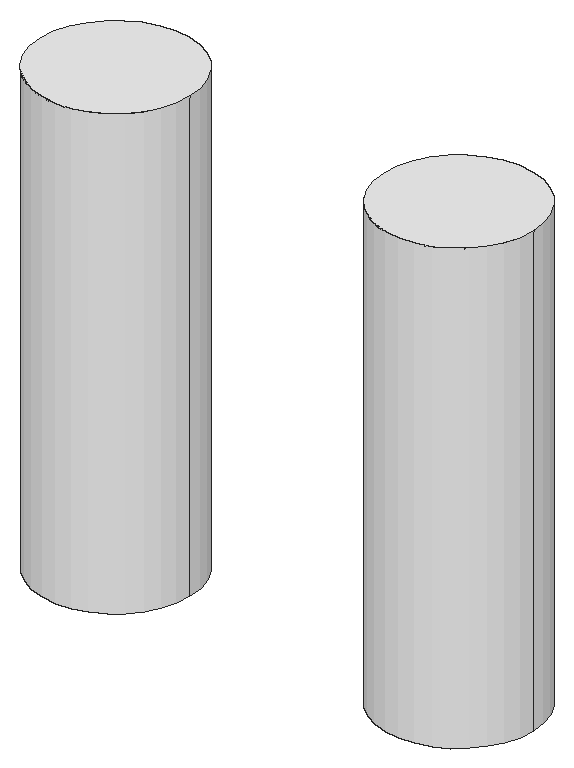
Revit family "56352203", category Plumbing Fixtures, Revit 2020
Family settings
  Round Connector Dimension = Use Diameter
  Part Type = Normal
  OmniClass Number = 23.45.55.00
  OmniClass Title = Sanitary Faucets, Wastes
  Work Plane-Based = No
  Always vertical = Yes
  Cut with Voids When Loaded = No
  Shared = No
  Room Calculation Point = No
Parameters (values of type "56352203 Washbasin faucet")
  Working Pressure = "50 - 1000 kPa"
  WarrantyStartDate [instance] = "n/a"
  WarrantyGuarantorParts = "n/a"
  WarrantyGuarantorLabor = "n/a"
  WarrantyDurationUnit = "Year"
  WarrantyDurationParts = "n/a"
  WarrantyDurationLabor = "n/a"
  WarrantyDescription = "http://warranty.hansa.com"
  Warranty Information URL = "http://warranty.hansa.com"
  VersionDate = "01/06/2023"
  Version = "1"
  ValvePattern = "n/a"
  ValveOperation = "n/a"
  ValveMechanism = "n/a"
  Uniclass2015Reference = "Pr_40_20_87_96"
  Uniclass2015Description = "Washbasin manual water supply sets"
  Uniclass2 = "Pr_40_30_96_96"
  URL REACH = "http://static.hansa.com/doc/reach"
  URL EcoLabel Declaration = "http://static.hansa.com/doc/EcoLabel"
  URL EU Packaging Declaration = "http://static.hansa.com/doc/packaging"
  URL Declaration of SCIP = "http://static.hansa.com/doc/SCIP"
  URL Declaration of Conformity = "http://static.hansa.com/DoC/56352203"
  URL Declaration of Asbestos = "http://static.hansa.com/doc/asbestos"
  URL Declaration Of Performance (DOP) = "http://static.hansa.com/doc/DoP"
  URL DVGW = "http://static.hansa.com/DVGW/56352203"
  URL ABP = "http://static.hansa.com/ABP/56352203"
  URL = ""
  UNSPSC Class Number = "30181700 Faucets or taps"
  TestPressure = "n/a"
  Temperature Adjustments = "Limitation option for maximum temperature and flow-rate ;Adjustable hot water stop (included, retrofittable)"
  Temperature = "Temperature limiter;Temperature limiter (retrofittable)"
  Technical DataSheet URL = "http://www.hansa.com/datasheet/56352203/en"
  TagNumber [instance] = "n/a"
  SustainabilityPerformance = "n/a"
  Surface treatment = "Chrome"
  Spout Type = "Fixed spout"
  Spout Projection = "103 mm"
  Spare-Part Information URL = "http://static.hansa.com/sp/56352203"
  Size = "50x155x135 mm"
  Shape = "Sculptured"
  SerialNumber [instance] = "n/a"
  Sales Package dimensions (LxWxH) = "380 x 180 x 74"
  Revision = "n/a"
  ReplacementCost = "n/a"
  ProductInformation = "n/a"
  Product URL = "http://static.hansa.com/56352203"
  Product Image URL = "http://static.hansa.com/image/56352203"
  Product Family = "HANSAPALENO "
  Product Code = "56352203"
  OperatingMechanismMaterial = "n/a"
  NominalWidth = 49.234 mm
  NominalHeight = 135.82 mm
  NominalDepth = 153.046 mm
  Noise Class = "I (ISO3822)"
  Name_en = "56352203 Washbasin faucet"
  Name = "56352203 Washbasin faucet"
  NBSReference = "45-35-70/371"
  NBSDescription = "Water supply fittings for wash basins and troughs"
  Mounting Holes = "1 hole"
  ModelReference = "56352203"
  ModelNumber = "n/a"
  Model = "56352203 Washbasin faucet"
  Mobile Product Information URL = "http://mpi.hansa.com/56352203"
  Mechanical Parts = "ø 35 mm ceramic cartridge for flow and temperature control"
  Max. Hot Water Supply = 70 °C
  Material = "Brass"
  Market = "International;Germany;Austria;Switzerland;France;Italy;Spain"
  ManufacturerURL = "http://www.hansa.com"
  ManufacturerName = "HANSA"
  Manufacturer = "HANSA"
  Lever Handle = "Hot/Cold symbols;Single operating lever/handle"
  Interactive AR View URL = "https://static.hansa.com/AR/56352203"
  InstallationDate [instance] = "n/a"
  Installation and Maintenance Guide URL = "http://static.hansa.com/manual/56352203"
  Installation Type = "Deck mounted"
  InletConnectionSize = 10 mm
  IfcExportType = "FAUCET"  # constant formula
  IfcExportAs = "IfcValveType"  # constant formula
  Group = "Washbasin faucet"
  Grade = "n/a"
  FlowCoefficient = 0
  Flow Rate At 300kPa With Flow Controller = 0.01 L/s
  Flow Drawing URL = "http://static.hansa.com/flowchart/56352203"
  Finish = "Polished"
  Features = "Single-lever"
  FaucetMainMaterial = Brass
  FDV Document URL = "http://www.hansa.com/datasheet/56352203/en/fdv"
  Extensions = "Pop-up waste with draw-rod"
  ExpectedLife = "n/a"
  ETIM Class Number = "EC011328 Washbasin mixing tap"
  EN Standard = "EN 817"
  EAN Number = "4057304011986"
  DurationUnit = "Year"
  Dimension Drawing URL = "http://static.hansa.com/dimdrw/56352203"
  Description = ""
  DefaultElevation [instance] = 900 mm
  Default Elevation = 0 mm
  Constituents = "n/a"
  Connection Size = "G3/8"
  Connection = "Flexible inlet pipes"
  Color = "Chrome"
  CodePerformance = "n/a"
  CloseOffRating = 0
  Category = "Washbasin"
  Catalog Drawing URL = "http://static.hansa.com/catdrw/56352203"
  Brand = "HANSA"
  BodyMaterial = "Brass"
  Barcode [instance] = "n/a"
  Backflow Prevention EN1717 = "AA"
  BIMObjectName = "56352203"
  Author = "BIMStone"
  AssetType = "Fixed"
  AssetIdentifier [instance] = "n/a"
  Approval DVGW = "DW-6506CS0548"
  Approval ABP = "P-IX 29502/IA"
  Aerator = "PCA® - constant flow rate regardless of pressure variations"
  Advanced Features = "Inner body made of DZR brass;3S-installation system for safe and simple mounting"
  AccessibilityPerformance = "n/a"
  3D View = "https://static.hansa.com/AR/56352203"
  2D/3D/BIM Files URL = "http://static.hansa.com/bim/56352203"
Reference planes
  plane 1 "Center (Front/Back)": y = 0
  plane 2: z = 0
  plane 3 "Center (Left/Right)": x = 0
  plane 4: x = -24.617
  plane 5: z = 900
  plane 6: z = 870
  plane 7: y = -153.046
  plane 8: x = 24.617
  plane 9: z = 1035.82
Forms (mm)
  Extrusion 1, solid, material "Brass" <- "FaucetMainMaterial"
    sketch origin (-44.989, -3.512, 0) x (1, 0, 0) y (0, 1, 0)
      loop
        circle (33.489, -36) r 5
      loop
        circle (56.489, -36) r 5
    from 870 to 900
Dimensions and locks
  "DefaultElevation": plane 5 to level
  locked: plane 5 to plane 6 at 30
  "NominalDepth": plane 7 to plane 1 "Center (Front/Back)"
  "NominalHeight": plane 9 to plane 5
  equal spacing: plane 4, plane 3 "Center (Left/Right)", plane 8
  "NominalWidth": plane 4 to plane 8
  "InletConnectionSize": diameter of Extrusion 1 sketch curve  (x2)
  aligned and locked: level to plane 2
  aligned and locked: plane 5 to Extrusion 1
  aligned and locked: Extrusion 1 to plane 6
  aligned and locked: nested 2 to plane 5
Automatic sketch dimensions
  Extrusion 1 sketch curve to plane 3 "Center (Left/Right)" = 11.5 mm
  plane 3 "Center (Left/Right)" to Extrusion 1 sketch curve = 11.5 mm
  plane 1 "Center (Front/Back)" to Extrusion 1 sketch curve = 39.512 mm
  Extrusion 1 sketch curve to Extrusion 1 sketch curve = 0 mm
Nested families
  nested 1: "Symbol" at (0, 0, 0), type "Symbol", detail levels coarse
  nested 2: "56352203_p" at (0, 0, 900), Main <- "FaucetMainMaterial", type "56352203_p"
    with Main Brass
Connectors
  piping at (-11.5, -39.512, 870), diameter 10, driven by "InletConnectionSize"
    settings: on Extrusion 1, index 1, connector inside diameter 609.6 mm, connector length 0 mm, flow factor 0, pipe flow 0.1 L/s, pressure drop 0.0 Pa, fitting loss kfactor 0, connector angle 0.00°, fixture units 0, engagement length 0 mm, angle of deflection 0.00°, flow configuration 1, flow direction 1, fitting loss method 0, system type 19, joint type 0, gender type 0, connector reference index -1, connector utility 0, adjustable connector no, is connector primary yes, connector description ""
  piping at (11.5, -39.512, 870), diameter 10, driven by "InletConnectionSize"
    settings: on Extrusion 1, index 2, connector inside diameter 609.6 mm, connector length 0 mm, flow factor 0, pipe flow 0.1 L/s, pressure drop 0.0 Pa, fitting loss kfactor 0, connector angle 0.00°, fixture units 0, engagement length 0 mm, angle of deflection 0.00°, flow configuration 1, flow direction 1, fitting loss method 0, system type 20, joint type 0, gender type 0, connector reference index -1, connector utility 0, adjustable connector no, is connector primary no, connector description ""
Definition of nested family "Symbol"
  Reference planes
    plane 1: y = 0
    plane 2: x = 0
  Lines and regions (mm)
    detail lines
      curve 1: line (0, 0, 0) -> (0, -1.8, 0)
      curve 2: line (-0.4, -1.1, 0) -> (0.4, -1.1, 0)
      curve 3: line (-0.4, -1.4, 0) -> (0.4, -1.4, 0)
      curve 4: line (0.863, 0, 0) -> (-0.863, 0, 0)
      curve 5: circle (-1.163, 0, 0) r 0.3 normal (0, 0, -1)
      curve 6: circle (1.163, 0, 0) r 0.3 normal (0, 0, 1)
Definition of nested family "56352203_p"
  Parameters (values of type "56352203_p")
    Main [instance] = none
    Default Elevation = 0 mm
  Reference planes
    plane 1 "Center (Front/Back)": y = 0
    plane 2: z = 0
    plane 3 "Center (Left/Right)": x = 0
    plane 4: x = -24.617
    plane 5: x = 24.617
    plane 6: y = -153.046
    plane 7: z = 135.82
  Forms (mm)
    Revolve 1, solid, material <- "Main", detail levels medium
      sketch origin (0, 0, 0) x (0, 1, 0) y (0, 0, 1)
        loop
          line (-13.867, -23.402) -> (-29.564, 156.008) -> (-52.982, 153.96) -> (-37.285, -25.451) -> (-13.867, -23.402)
        axis (-52.982, 153.96) -> (-37.285, -25.451)
      angle from 0 to 360
    Extrusion 2, void
      sketch origin (0, 0, 0) x (0, 1, 0) y (0, 0, 1)
        loop
          line (-84.903, 135.82) -> (-19.903, 135.82) -> (-19.903, 165.82) -> (-84.903, 165.82) -> (-84.903, 135.82)
        loop
          line (-67.585, 0) -> (-67.585, -35) -> (-7.585, -35) -> (-7.585, 0) -> (-67.585, 0)
      from -49.356 to 92.918
    Extrusion 3, solid, material <- "Main", detail levels medium
      sketch origin (0, 0, 0) x (1, 0, 0) y (0, 1, 0)
        loop
          line (-7.521, -92.482) -> (-6.93, -136.945)
          arc (-6.93, -136.945) -> (-6.646, -137.757) -> (-5.931, -138.234) r 1.354
          arc (-5.931, -138.234) -> (-2.992, -138.82) -> (0, -139.002) r 22.031
          arc (0, -139.002) -> (2.992, -138.82) -> (5.931, -138.234) r 22.031
          arc (5.931, -138.234) -> (6.646, -137.757) -> (6.93, -136.945) r 1.354
          line (6.93, -136.945) -> (7.521, -92.482)
          arc (7.521, -92.482) -> (8.321, -86.138) -> (10.649, -80.182) r 25.931
          arc (10.649, -80.182) -> (13.331, -75.755) -> (16.426, -71.606) r 53.655
          arc (16.426, -71.606) -> (18.861, -68.419) -> (21.056, -65.062) r 54.532
          arc (21.056, -65.062) -> (23.173, -57.28) -> (23.403, -49.217) r 34.087
          line (23.403, -49.217) -> (-23.403, -49.217)
          arc (-23.403, -49.217) -> (-23.173, -57.28) -> (-21.056, -65.062) r 34.087
          arc (-21.056, -65.062) -> (-18.861, -68.419) -> (-16.426, -71.606) r 54.532
          arc (-16.426, -71.606) -> (-13.331, -75.755) -> (-10.649, -80.182) r 53.655
          arc (-10.649, -80.182) -> (-8.321, -86.138) -> (-7.521, -92.482) r 25.931
      from 123.077 to 135.82
    Extrusion 4, solid, material <- "Main", detail levels medium
      sketch origin (0, 0, 0) x (0, 1, 0) y (0, 0, 1)
        loop
          line (-105.174, 93.823) -> (-151.944, 89.512)
          arc (-151.944, 89.512) -> (-152.971, 88.681) -> (-152.6, 87.413) r 1.191
          line (-152.6, 87.413) -> (-147.596, 83.214) -> (-151.649, 77.426) -> (-132.008, 63.673) -> (-129.158, 67.743) -> (-127.647, 66.475) -> (-52.466, 68.212) -> (-55.075, 98.033)
          arc (-55.075, 98.033) -> (-80.133, 96.03) -> (-105.174, 93.823) r 3101.602
      from -20 to 20
    Revolve 5, solid, material <- "Main", detail levels medium
      sketch origin (0, 0, 0) x (0, 1, 0) y (0, 0, 1)
        loop
          line (-18.79, 21.887) -> (-10.782, 43.888) -> (-12.429, 44.487) -> (-20.437, 22.486) -> (-18.79, 21.887)
        axis (-12.429, 44.487) -> (-20.437, 22.486)
      angle from 0 to 360
    Extrusion 6, solid, material <- "Main", detail levels medium
      sketch origin (0, 0, 0) x (0, 1, 0) y (0, 0, 1)
        loop
          arc (-6.214, 41.559) -> (-3.258, 41.771) -> (-0.722, 43.305) r 6.33
          line (-0.722, 43.305) -> (-0.022, 46.598)
          arc (-0.022, 46.598) -> (-0.165, 47.365) -> (-0.808, 47.808) r 1.02
          line (-0.808, 47.808) -> (-14.478, 50.713)
          arc (-14.478, 50.713) -> (-15.208, 50.578) -> (-15.628, 49.966) r 0.97
          line (-15.628, 49.966) -> (-16.428, 46.202)
          arc (-16.428, 46.202) -> (-16.421, 45.742) -> (-16.213, 45.33) r 1.029
          arc (-16.213, 45.33) -> (-15.437, 44.447) -> (-14.615, 43.607) r 21.863
          line (-14.615, 43.607) -> (-11.321, 42.408) -> (-6.214, 41.559)
      from -5 to 5
    Extrusion 7, solid, material <- "Main", detail levels coarse
      sketch origin (0, 0, 0) x (0, 1, 0) y (0, 0, 1)
        loop
          line (0, 0) -> (0, 135.82) -> (-153.046, 135.82) -> (-153.046, 0) -> (0, 0)
      from -24.617 to 24.617
  Cuts and joins
    Extrusion 2 cuts Revolve 1
    joined: Revolve 1, Extrusion 3, Extrusion 4, Revolve 5, Extrusion 6
  Lines and regions (mm)
    symbolic lines, detail levels medium+fine
      curve 1: arc (-10.483, -152.342, 0) -> (0.493, -153.044, 0) -> (11.459, -152.194, 0) r 77.963
      curve 2: line (-16.526, -145.907, 0) -> (-22.573, -61.775, 0)
      curve 3: arc (-10.483, -152.342, 0) -> (-14.647, -150.197, 0) -> (-16.526, -145.907, 0) r 7
      curve 4: arc (-24.617, -49.217, 0) -> (-24.331, -45.477, 0) -> (-23.48, -41.823, 0) r 24.617
      curve 5: arc (-23.48, -41.823, 0) -> (-22.352, -32.537, 0) -> (-17.956, -24.28, 0) r 25.54
      curve 6: arc (-17.956, -24.28, 0) -> (-12.813, -19.603, 0) -> (-6.464, -16.774, 0) r 21.896
      curve 7: arc (-6.464, -16.774, 0) -> (-4.283, -16.293, 0) -> (-2.068, -16.001, 0) r 26.072
      curve 8: line (-5, -4.907, 0) -> (-5, -11.473, 0)
      curve 9: arc (0, 0, 0) -> (-3.53, -1.404, 0) -> (-5, -4.907, 0) r 4.908
      curve 10: arc (-5, -11.473, 0) -> (-4.203, -14.17, 0) -> (-2.068, -16.001, 0) r 4.963
      curve 13: arc (-22.573, -61.775, 0) -> (-24.103, -55.579, 0) -> (-24.617, -49.217, 0) r 39.601
      curve 23: line (16.526, -145.907, 0) -> (22.573, -61.775, 0)
      curve 24: arc (10.483, -152.342, 0) -> (14.647, -150.197, 0) -> (16.526, -145.907, 0) r 7
      curve 25: arc (24.617, -49.217, 0) -> (24.331, -45.477, 0) -> (23.48, -41.823, 0) r 24.617
      curve 26: arc (23.48, -41.823, 0) -> (22.352, -32.537, 0) -> (17.956, -24.28, 0) r 25.54
      curve 27: arc (17.956, -24.28, 0) -> (12.813, -19.603, 0) -> (6.464, -16.774, 0) r 21.896
      curve 28: arc (6.464, -16.774, 0) -> (4.283, -16.293, 0) -> (2.068, -16.001, 0) r 26.072
      curve 29: line (5, -4.907, 0) -> (5, -11.473, 0)
      curve 30: arc (0, 0, 0) -> (3.53, -1.404, 0) -> (5, -4.907, 0) r 4.908
      curve 31: arc (5, -11.473, 0) -> (4.203, -14.17, 0) -> (2.068, -16.001, 0) r 4.963
      curve 34: arc (22.573, -61.775, 0) -> (24.103, -55.579, 0) -> (24.617, -49.217, 0) r 39.601
      curve 44: line (0, 0, 0) -> (-23.507, 0, 0)
      curve 45: line (-23.507, 0, 0) -> (-23.507, 0, 98.025)
      curve 46: line (-24.617, 0, 101.423) -> (-24.191, 0, 133.145)
      curve 47: line (0, 0, 135.82) -> (-5.848, 0, 135.82)
      curve 48: arc (-5.848, 0, 135.82) -> (-14.236, 0, 135.589) -> (-22.599, 0, 134.898) r 152.743
      curve 49: arc (-24.191, 0, 133.145) -> (-23.727, 0, 134.323) -> (-22.599, 0, 134.898) r 1.788
      curve 55: line (-22.622, 0, 100.367) -> (-22.757, 0, 98.832)
      curve 56: arc (-23.507, 0, 97.889) -> (-23.297, 0, 98.492) -> (-22.757, 0, 98.832) r 0.967
      curve 60: spline (-24.617, 0, 101.423) -> (-24.603, 0, 101.333) -> (-24.561, 0, 101.244) -> (-24.492, 0, 101.154) -> (-24.395, 0, 101.065) -> (-24.27, 0, 100.977) -> (-24.118, 0, 100.888) -> (-23.938, 0, 100.801) -> (-23.731, 0, 100.714) -> (-23.498, 0, 100.628) -> (-23.238, 0, 100.543) -> (-22.952, 0, 100.459) -> (-22.639, 0, 100.375)
      curve 71: line (0, 0, 0) -> (23.507, 0, 0)
      curve 72: line (23.507, 0, 0) -> (23.507, 0, 98.025)
      curve 73: line (24.617, 0, 101.423) -> (24.191, 0, 133.145)
      curve 74: line (0, 0, 135.82) -> (5.848, 0, 135.82)
      curve 75: arc (5.848, 0, 135.82) -> (14.236, 0, 135.589) -> (22.599, 0, 134.898) r 152.743
      curve 76: arc (24.191, 0, 133.145) -> (23.727, 0, 134.323) -> (22.599, 0, 134.898) r 1.788
      curve 82: line (22.622, 0, 100.367) -> (22.757, 0, 98.832)
      curve 83: arc (23.507, 0, 97.889) -> (23.297, 0, 98.492) -> (22.757, 0, 98.832) r 0.967
      curve 87: spline (24.617, 0, 101.423) -> (24.603, 0, 101.333) -> (24.561, 0, 101.244) -> (24.492, 0, 101.154) -> (24.395, 0, 101.065) -> (24.27, 0, 100.977) -> (24.118, 0, 100.888) -> (23.938, 0, 100.801) -> (23.731, 0, 100.714) -> (23.498, 0, 100.628) -> (23.238, 0, 100.543) -> (22.952, 0, 100.459) -> (22.639, 0, 100.375)
      curve 98: line (0, -15.915, 0) -> (0, -63.109, 0)
      curve 99: line (0, -24.711, 100.544) -> (0, -25.511, 100.479)
      curve 102: line (0, -15.915, 0) -> (0, -18.016, 24.014)
      curve 103: line (0, -63.109, 0) -> (0, -66.804, 42.234)
      curve 104: line (0, -94.73, 67.236) -> (0, -127.647, 66.475)
      curve 105: arc (0, -66.804, 42.234) -> (0, -75.822, 60.258) -> (0, -94.73, 67.236) r 27.397
      curve 106: arc (0, -71.573, 96.737) -> (0, -88.377, 95.326) -> (0, -105.174, 93.823) r 3101.602
      curve 107: arc (0, -25.511, 100.479) -> (0, -26.979, 106.263) -> (0, -29.941, 111.444) r 22.12
      curve 108: line (0, -70.804, 99.207) -> (0, -70.804, 96.8)
      curve 109: line (0, -72.546, 99.066) -> (0, -75.051, 116.246)
      curve 110: line (0, -25.765, 113.821) -> (0, -29.127, 133.304)
      curve 111: line (0, -83.102, 123.208) -> (0, -136.936, 123.208)
      curve 112: arc (0, -75.051, 116.246) -> (0, -77.78, 121.226) -> (0, -83.102, 123.208) r 8.136
      curve 113: arc (0, -138.384, 134.918) -> (0, -139.024, 129.669) -> (0, -138.447, 124.413) r 22.989
      curve 114: arc (0, -136.936, 123.208) -> (0, -137.902, 123.546) -> (0, -138.447, 124.413) r 1.55
      curve 115: line (0, -137.011, 136) -> (0, -92.029, 136)
      curve 116: arc (0, -138.384, 134.918) -> (0, -137.885, 135.697) -> (0, -137.011, 136) r 1.413
      curve 117: arc (0, -92.029, 136) -> (0, -78.127, 135.816) -> (0, -64.236, 135.262) r 523.836
      curve 118: line (0, -30.991, 134.874) -> (0, -49.162, 134.874)
      curve 119: arc (0, -64.236, 135.262) -> (0, -56.702, 134.965) -> (0, -49.162, 134.874) r 275.77
      curve 120: arc (0, -29.127, 133.304) -> (0, -29.773, 134.429) -> (0, -30.991, 134.874) r 1.891
      curve 121: line (0, -18.016, 24.014) -> (0, -11.321, 42.408)
      curve 122: line (0, -18.739, 32.278) -> (0, -14.615, 43.607)
      curve 124: line (0, -15.628, 49.966) -> (0, -16.428, 46.202)
      curve 125: line (0, -0.022, 46.598) -> (0, -0.659, 43.604)
      curve 126: line (0, -0.808, 47.808) -> (0, -14.478, 50.713)
      curve 127: arc (0, -14.478, 50.713) -> (0, -15.208, 50.578) -> (0, -15.628, 49.966) r 0.97
      curve 128: arc (0, -0.808, 47.808) -> (0, -0.165, 47.365) -> (0, -0.022, 46.598) r 1.02
      curve 129: line (0, -6.214, 41.559) -> (0, -11.321, 42.408)
      curve 130: arc (0, -16.428, 46.202) -> (0, -16.421, 45.742) -> (0, -16.213, 45.33) r 1.029
      curve 131: arc (0, -16.213, 45.33) -> (0, -15.437, 44.447) -> (0, -14.615, 43.607) r 21.863
      curve 132: arc (0, -0.988, 43.057) -> (0, -3.432, 41.718) -> (0, -6.214, 41.559) r 6.33
      curve 133: arc (0, -0.659, 43.604) -> (0, -0.777, 43.303) -> (0, -0.988, 43.057) r 0.981
      curve 135: line (0, -18.739, 32.278) -> (0, -24.711, 100.544)
      curve 136: line (0, -70.804, 99.207) -> (0, -72.546, 99.066)
      curve 137: line (0, -70.804, 96.8) -> (0, -71.573, 96.737)
      curve 138: line (0, -29.941, 111.444) -> (0, -25.765, 113.821)
      curve 140: line (0, -127.647, 66.475) -> (0, -129.158, 67.743)
      curve 141: line (0, -105.174, 93.823) -> (0, -151.944, 89.512)
      curve 142: arc (0, -151.944, 89.512) -> (0, -152.971, 88.681) -> (0, -152.6, 87.413) r 1.191
      curve 143: line (0, -151.649, 77.426) -> (0, -132.008, 63.673)
      curve 144: line (0, -147.596, 83.214) -> (0, -151.649, 77.426)
      curve 145: line (0, -129.158, 67.743) -> (0, -132.008, 63.673)
      curve 146: line (0, -147.596, 83.214) -> (0, -152.6, 87.413)
    symbolic lines, detail levels fine
      curve 11: line (-1.745, -16.132, 0) -> (-1.745, -18.401, 0)
      curve 12: spline (-1.745, -18.401, 0) -> (-1.73, -18.523, 0) -> (-1.685, -18.642, 0) -> (-1.612, -18.758, 0) -> (-1.511, -18.867, 0) -> (-1.384, -18.968, 0) -> (-1.234, -19.06, 0) -> (-1.062, -19.14, 0) -> (-0.872, -19.208, 0) -> (-0.668, -19.261, 0) -> (-0.451, -19.301, 0) -> (-0.228, -19.324, 0) -> (0, -19.332, 0)
      curve 14: arc (-21.056, -65.062, 0) -> (-21.905, -63.461, 0) -> (-22.573, -61.775, 0) r 16.527
      curve 15: arc (-16.426, -71.606, 0) -> (-18.861, -68.419, 0) -> (-21.056, -65.062, 0) r 54.532
      curve 16: arc (-10.649, -80.182, 0) -> (-13.331, -75.755, 0) -> (-16.426, -71.606, 0) r 53.655
      curve 17: arc (-7.521, -92.482, 0) -> (-8.321, -86.138, 0) -> (-10.649, -80.182, 0) r 25.931
      curve 18: line (-7.521, -92.482, 0) -> (-6.93, -136.945, 0)
      curve 19: arc (-5.931, -138.234, 0) -> (-2.992, -138.82, 0) -> (0, -139.002, 0) r 22.031
      curve 20: arc (-6.93, -136.945, 0) -> (-6.646, -137.757, 0) -> (-5.931, -138.234, 0) r 1.354
      curve 21: arc (-23.48, -41.823, 0) -> (-14.56, -29.367, 0) -> (0, -24.6, 0) r 24.617
      curve 22: arc (-2.068, -16.001, 0) -> (-1.057, -16.33, 0) -> (0, -16.435, 0) r 4.963
      curve 32: line (1.745, -16.132, 0) -> (1.745, -18.401, 0)
      curve 33: spline (1.745, -18.401, 0) -> (1.73, -18.523, 0) -> (1.685, -18.642, 0) -> (1.612, -18.758, 0) -> (1.511, -18.867, 0) -> (1.384, -18.968, 0) -> (1.234, -19.06, 0) -> (1.062, -19.14, 0) -> (0.872, -19.208, 0) -> (0.668, -19.261, 0) -> (0.451, -19.301, 0) -> (0.228, -19.324, 0) -> (0, -19.332, 0)
      curve 35: arc (21.056, -65.062, 0) -> (21.905, -63.461, 0) -> (22.573, -61.775, 0) r 16.527
      curve 36: arc (16.426, -71.606, 0) -> (18.861, -68.419, 0) -> (21.056, -65.062, 0) r 54.532
      curve 37: arc (10.649, -80.182, 0) -> (13.331, -75.755, 0) -> (16.426, -71.606, 0) r 53.655
      curve 38: arc (7.521, -92.482, 0) -> (8.321, -86.138, 0) -> (10.649, -80.182, 0) r 25.931
      curve 39: line (7.521, -92.482, 0) -> (6.93, -136.945, 0)
      curve 40: arc (5.931, -138.234, 0) -> (2.992, -138.82, 0) -> (0, -139.002, 0) r 22.031
      curve 41: arc (6.93, -136.945, 0) -> (6.646, -137.757, 0) -> (5.931, -138.234, 0) r 1.354
      curve 42: arc (23.48, -41.823, 0) -> (14.56, -29.367, 0) -> (0, -24.6, 0) r 24.617
      curve 43: arc (2.068, -16.001, 0) -> (1.057, -16.33, 0) -> (0, -16.435, 0) r 4.963
      curve 50: arc (-6.756, 0, 134.058) -> (-6.963, 0, 129.627) -> (-6.756, 0, 125.196) r 47.666
      curve 51: arc (-5.128, 0, 135.675) -> (-6.235, 0, 135.162) -> (-6.756, 0, 134.058) r 1.79
      curve 52: arc (-2.068, 0, 135.82) -> (-3.599, 0, 135.777) -> (-5.128, 0, 135.675) r 39.282
      curve 53: arc (-6.756, 0, 125.196) -> (-6.258, 0, 124.11) -> (-5.191, 0, 123.571) r 1.809
      curve 54: arc (-5.191, 0, 123.571) -> (-2.601, 0, 123.329) -> (0, 0, 123.281) r 34.732
      curve 57: spline (-22.757, 0, 98.832) -> (-22.562, 0, 98.576) -> (-21.981, 0, 98.323) -> (-21.024, 0, 98.079) -> (-19.707, 0, 97.849) -> (-18.053, 0, 97.635) -> (-16.091, 0, 97.441) -> (-13.852, 0, 97.272) -> (-11.377, 0, 97.129) -> (-8.708, 0, 97.015) -> (-5.889, 0, 96.932) -> (-2.97, 0, 96.882) -> (0, 0, 96.865)
      curve 58: line (-23.507, 0, 87.376) -> (-16.905, 0, 74.958)
      curve 59: arc (-16.905, 0, 74.958) -> (-14.342, 0, 71.239) -> (-11, 0, 68.199) r 19.74
      curve 61: arc (-13.632, 0, 86.46) -> (-6.829, 0, 87.082) -> (0, 0, 87.29) r 112.335
      curve 62: line (-23.507, 0, 98.025) -> (-17.405, 0, 88.261)
      curve 63: arc (-17.405, 0, 88.261) -> (-15.781, 0, 86.811) -> (-13.632, 0, 86.46) r 3.893
      curve 64: spline (0, 0, 64.492) -> (-2.773, 0, 64.701) -> (-5.358, 0, 65.313) -> (-7.577, 0, 66.285) -> (-9.28, 0, 67.553) -> (-10.351, 0, 69.029) -> (-10.716, 0, 70.613) -> (-10.351, 0, 72.198) -> (-9.28, 0, 73.674) -> (-7.577, 0, 74.941) -> (-5.358, 0, 75.914) -> (-2.773, 0, 76.526) -> (0, 0, 76.734)
      curve 65: line (-11, 0, 76.576) -> (-11, 0, 68.199)
      curve 66: arc (-11, 0, 76.576) -> (-11.983, 0, 73.761) -> (-11, 0, 70.946) r 4.519
      curve 67: arc (-11.983, 0, 73.761) -> (-11.352, 0, 77.899) -> (-8.48, 0, 80.944) r 7.028
      curve 68: arc (-8.48, 0, 80.944) -> (-4.383, 0, 82.589) -> (0, 0, 83.121) r 16.963
      curve 69: arc (-11, 0, 68.199) -> (-5.857, 0, 65.287) -> (0, 0, 64.492) r 15.628
      curve 70: spline (-22.639, 0, 100.375) -> (-21.593, 0, 100.142) -> (-20.343, 0, 99.921) -> (-18.901, 0, 99.714) -> (-17.28, 0, 99.523) -> (-15.496, 0, 99.35) -> (-13.565, 0, 99.197) -> (-11.506, 0, 99.065) -> (-9.338, 0, 98.955) -> (-7.082, 0, 98.868) -> (-4.759, 0, 98.806) -> (-2.391, 0, 98.768) -> (0, 0, 98.756)
      curve 77: arc (6.756, 0, 134.058) -> (6.963, 0, 129.627) -> (6.756, 0, 125.196) r 47.666
      curve 78: arc (5.128, 0, 135.675) -> (6.235, 0, 135.162) -> (6.756, 0, 134.058) r 1.79
      curve 79: arc (2.068, 0, 135.82) -> (3.599, 0, 135.777) -> (5.128, 0, 135.675) r 39.282
      curve 80: arc (6.756, 0, 125.196) -> (6.258, 0, 124.11) -> (5.191, 0, 123.571) r 1.809
      curve 81: arc (5.191, 0, 123.571) -> (2.601, 0, 123.329) -> (0, 0, 123.281) r 34.732
      curve 84: spline (22.757, 0, 98.832) -> (22.562, 0, 98.576) -> (21.981, 0, 98.323) -> (21.024, 0, 98.079) -> (19.707, 0, 97.849) -> (18.053, 0, 97.635) -> (16.091, 0, 97.441) -> (13.852, 0, 97.272) -> (11.377, 0, 97.129) -> (8.708, 0, 97.015) -> (5.889, 0, 96.932) -> (2.97, 0, 96.882) -> (0, 0, 96.865)
      curve 85: line (23.507, 0, 87.376) -> (16.905, 0, 74.958)
      curve 86: arc (16.905, 0, 74.958) -> (14.342, 0, 71.239) -> (11, 0, 68.199) r 19.74
      curve 88: arc (13.632, 0, 86.46) -> (6.829, 0, 87.082) -> (0, 0, 87.29) r 112.335
      curve 89: line (23.507, 0, 98.025) -> (17.405, 0, 88.261)
      curve 90: arc (17.405, 0, 88.261) -> (15.781, 0, 86.811) -> (13.632, 0, 86.46) r 3.893
      curve 91: spline (0, 0, 64.492) -> (2.773, 0, 64.701) -> (5.358, 0, 65.313) -> (7.577, 0, 66.285) -> (9.28, 0, 67.553) -> (10.351, 0, 69.029) -> (10.716, 0, 70.613) -> (10.351, 0, 72.198) -> (9.28, 0, 73.674) -> (7.577, 0, 74.941) -> (5.358, 0, 75.914) -> (2.773, 0, 76.526) -> (0, 0, 76.734)
      curve 92: line (11, 0, 76.576) -> (11, 0, 68.199)
      curve 93: arc (11, 0, 76.576) -> (11.983, 0, 73.761) -> (11, 0, 70.946) r 4.519
      curve 94: arc (11.983, 0, 73.761) -> (11.352, 0, 77.899) -> (8.48, 0, 80.944) r 7.028
      curve 95: arc (8.48, 0, 80.944) -> (4.383, 0, 82.589) -> (0, 0, 83.121) r 16.963
      curve 96: arc (11, 0, 68.199) -> (5.857, 0, 65.287) -> (0, 0, 64.492) r 15.628
      curve 97: spline (22.639, 0, 100.375) -> (21.593, 0, 100.142) -> (20.343, 0, 99.921) -> (18.901, 0, 99.714) -> (17.28, 0, 99.523) -> (15.496, 0, 99.35) -> (13.565, 0, 99.197) -> (11.506, 0, 99.065) -> (9.338, 0, 98.955) -> (7.082, 0, 98.868) -> (4.759, 0, 98.806) -> (2.391, 0, 98.768) -> (0, 0, 98.756)
      curve 100: line (0, -48.218, 101.042) -> (0, -29.941, 111.444)
      curve 101: line (0, -48.218, 101.042) -> (0, -70.804, 99.207)
      curve 123: line (0, -11.321, 42.408) -> (0, -14.615, 43.607)
      curve 134: line (0, -18.016, 24.014) -> (0, -18.739, 32.278)
      curve 139: line (0, -25.511, 100.479) -> (0, -70.804, 96.8)
      curve 147: line (0, -129.158, 67.743) -> (0, -147.596, 83.214)
  Dimensions and locks
    aligned and locked: level to plane 2
